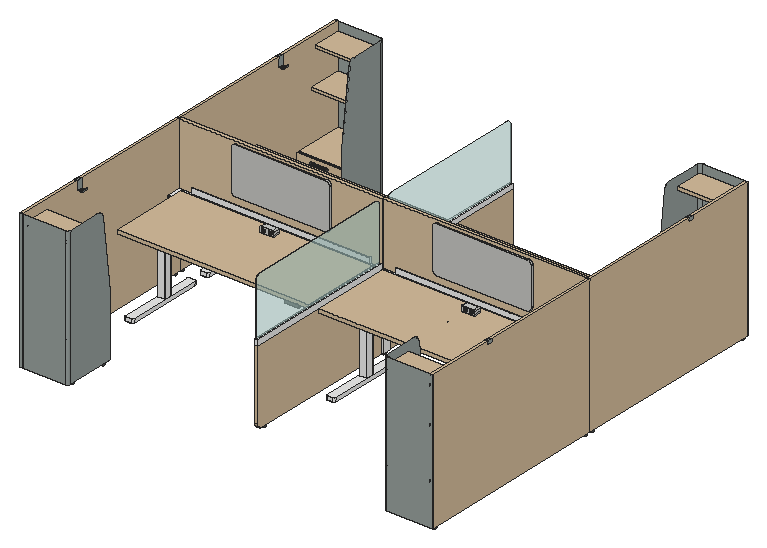
Revit family "Layout-Teknion-Expansion_Cityline_Height_Adjustable_Workstation_09-R2021", category Furniture Systems, Revit 2021 (continued)
Definition of nested family "Support-Teknion-JNXRMH_hiSpace_Quick_Connect_Height_Adjustable_Mechanism_Rectangular-R2021"
  Forms (in)
    Revolve 7, solid
      sketch origin (24.02922, -10.28354, 48) x (-1, 0, 0) y (0, 0, 1)
        loop
          line (-3.98642, -47.72441) -> (-4.14342, -47.72441) -> (-4.14342, -47.7685) -> (-4.97067, -47.7685) -> (-4.97067, -48) -> (-3.98642, -48) -> (-3.98642, -47.72441)
        axis (-3.98642, -47.72441) -> (-3.98642, -48)
      angle from 0 to 360
    Revolve 8, solid
      sketch origin (-26.00182, 10.28474, 48) x (-1, 0, 0) y (0, 0, 1)
        loop
          line (2.01429, -47.72441) -> (1.85728, -47.72441) -> (1.85728, -47.7685) -> (1.03003, -47.7685) -> (1.03003, -48) -> (2.01429, -48) -> (2.01429, -47.72441)
        axis (2.01429, -47.72441) -> (2.01429, -48)
      angle from 0 to 360
    Revolve 9, solid
      sketch origin (24.02943, 10.28474, 48) x (-1, 0, 0) y (0, 0, 1)
        loop
          line (-3.98642, -47.72441) -> (-4.14342, -47.72441) -> (-4.14342, -47.7685) -> (-4.97067, -47.7685) -> (-4.97067, -48) -> (-3.98642, -48) -> (-3.98642, -47.72441)
        axis (-3.98642, -47.72441) -> (-3.98642, -48)
      angle from 0 to 360
    Sweep 10, solid, material <- "Base Finish"
      path origin (-26.00182, 10.28474, 48) x (-1, 0, 0) y (0, 0, 1)
        loop
          line (-26.00182, -20.189) -> (-26.00182, -21.9016)
      profile origin (0, 10.28474, 26.9547) x (0, 1, 0) y (-1, 0, 0)
        loop
          line (-6.48545, 4.6752) -> (-10.32403, 4.6752) -> (-10.32403, -4.6752) -> (-6.48545, -4.6752) -> (-6.48545, 4.6752)
    Sweep 11, solid
      path origin (-26.00182, 10.28474, 48) x (-1, 0, 0) y (0, 0, 1)
        loop
          line (-49.52973, -20.189) -> (-49.52973, -20.26774)
      profile origin (23.52791, 10.28474, 27.77163) x (0, 1, 0) y (-1, 0, 0)
        loop
          line (-19.57804, -4.0315) -> (-19.57804, -0.31496)
          arc (-19.57804, -0.31496) -> (-19.67029, -0.09225) -> (-19.89301, 0) r 0.31496
          line (-19.89301, 0) -> (-20.90088, 0)
          arc (-20.90088, 0) -> (-21.12359, -0.09225) -> (-21.21584, -0.31496) r 0.31496
          line (-21.21584, -0.31496) -> (-21.21584, -4.0315)
          arc (-21.21584, -4.0315) -> (-21.12359, -4.25421) -> (-20.90088, -4.34646) r 0.31496
          line (-20.90088, -4.34646) -> (-19.89301, -4.34646)
          arc (-19.89301, -4.34646) -> (-19.67029, -4.25421) -> (-19.57804, -4.0315) r 0.31496
    Sweep 12, solid
      path origin (-26.00182, 10.28474, 48) x (-1, 0, 0) y (0, 0, 1)
        loop
          line (-51.70296, -20.26774) -> (-51.70296, -20.42522)
      profile origin (25.70114, 10.28474, 27.65352) x (0, 1, 0) y (-1, 0, 0)
        loop
          line (-19.61643, 1.86614) -> (-21.60954, 1.86614) -> (-21.60954, -1.86614) -> (-19.61643, -1.86614) -> (-19.61643, 1.86614)
    Sweep 13, solid
      path origin (0, 0, 0) x (0, 1, 0) y (0, 0, 1)
        loop
          line (-11.24602, 26.78211) -> (-11.71654, 27.05376)
      profile origin (0, -11.48128, 26.91793) x (0, -0.5, -0.866025) y (1, 0, 0)
        loop
          line (-0.78346, 28.06728) -> (-0.78346, 23.335)
          arc (-0.78346, 23.335) -> (-0.72581, 23.19581) -> (-0.58661, 23.13815) r 0.19685
          line (-0.58661, 23.13815) -> (0, 23.13815)
          arc (0, 23.13815) -> (0.13919, 23.19581) -> (0.19685, 23.335) r 0.19685
          line (0.19685, 23.335) -> (0.19685, 28.06728)
          arc (0.19685, 28.06728) -> (0.13919, 28.20648) -> (0, 28.26413) r 0.19685
          line (0, 28.26413) -> (-0.58661, 28.26413)
          arc (-0.58661, 28.26413) -> (-0.72581, 28.20648) -> (-0.78346, 28.06728) r 0.19685
    Sweep 14, solid, material <- "Base Finish"
      path origin (0, 0, 0) x (-1, 0, 0) y (0, 1, 0)
        loop
          line (-30.32, 3.77961) -> (-30.32, -0.01961)
      profile origin (30.32, 1.88, 0) x (1, 0, 0) y (0, 0, 1)
        loop
          line (0, 27.811) -> (-8.66142, 27.811) -> (-8.66142, 27.59446) -> (-8.11024, 27.59446) -> (-7.70372, 26.07733)
          arc (-7.70372, 26.07733) -> (-7.64747, 25.99315) -> (-7.55161, 25.96061) r 0.15748
          line (-7.55161, 25.96061) -> (-0.15748, 25.96061)
          arc (-0.15748, 25.96061) -> (-0.04612, 26.00673) -> (0, 26.11809) r 0.15748
          line (0, 26.11809) -> (0, 27.811)
    Sweep 15, solid, material <- "Base Finish"
      path origin (44.04547, 4.01679, 0.13456) x (1, 0, 0) y (0, 0, 1)
        loop
          line (-16.02983, 1.33001) -> (-16.02983, 0.14103)
      profile origin (28.01564, 4.01679, 0.87008) x (0, -1, 0) y (1, 0, 0)
        loop
          arc (-7.48321, -0.98425) -> (-7.2964, -1.43524) -> (-6.84541, -1.62205) r 0.6378
          line (-6.84541, -1.62205) -> (14.879, -1.62205)
          arc (14.879, -1.62205) -> (15.32999, -1.43524) -> (15.51679, -0.98425) r 0.6378
          line (15.51679, -0.98425) -> (15.51679, 0.98425)
          arc (15.51679, 0.98425) -> (15.32999, 1.43524) -> (14.879, 1.62205) r 0.6378
          line (14.879, 1.62205) -> (-6.84541, 1.62205)
          arc (-6.84541, 1.62205) -> (-7.2964, 1.43524) -> (-7.48321, 0.98425) r 0.6378
          line (-7.48321, 0.98425) -> (-7.48321, -0.98425)
    Sweep 16, solid, material <- "Base Finish"
      path origin (44.02578, 1.86031, 0) x (1, 0, 0) y (0, 0, 1)
        loop
          line (-16.02983, 18.77953) -> (-16.02983, 1.46457)
      profile origin (27.99596, 1.86031, 10.12205) x (0, -1, 0) y (1, 0, 0)
        loop
          arc (1.35827, 1.22047) -> (1.31791, 1.31791) -> (1.22047, 1.35827) r 0.1378
          line (1.22047, 1.35827) -> (-1.22047, 1.35827)
          arc (-1.22047, 1.35827) -> (-1.31791, 1.31791) -> (-1.35827, 1.22047) r 0.1378
          line (-1.35827, 1.22047) -> (-1.35827, -1.22047)
          arc (-1.35827, -1.22047) -> (-1.31791, -1.31791) -> (-1.22047, -1.35827) r 0.1378
          line (-1.22047, -1.35827) -> (1.22047, -1.35827)
          arc (1.22047, -1.35827) -> (1.31791, -1.31791) -> (1.35827, -1.22047) r 0.1378
          line (1.35827, -1.22047) -> (1.35827, 1.22047)
    Sweep 17, solid, material <- "Base Finish"
      path origin (44.04547, 1.88, 0) x (1, 0, 0) y (0, 0, 1)
        loop
          line (-15.97547, 22.37007) -> (-15.97547, 18.77953)
      profile origin (28.07, 1.88, 20.5748) x (0, -1, 0) y (1, 0, 0)
        loop
          arc (1.0748, -1.22759) -> (1.1444, -1.19876) -> (1.17323, -1.12916) r 0.09843
          line (1.17323, -1.12916) -> (1.17323, 1.02044)
          arc (1.17323, 1.02044) -> (1.1444, 1.09004) -> (1.0748, 1.11887) r 0.09843
          line (1.0748, 1.11887) -> (-1.07087, 1.11887)
          arc (-1.07087, 1.11887) -> (-1.143, 1.09145) -> (-1.17323, 1.02044) r 0.0985
          line (-1.17323, 1.02044) -> (-1.17323, -1.12916)
          arc (-1.17323, -1.12916) -> (-1.1444, -1.19876) -> (-1.0748, -1.22759) r 0.09843
          line (-1.0748, -1.22759) -> (1.0748, -1.22759)
    Sweep 18, solid, material <- "Base Finish"
      path origin (44.04547, 1.88, 0) x (1, 0, 0) y (0, 0, 1)
        loop
          line (-16.02983, 25.96061) -> (-16.02983, 22.37007)
      profile origin (28.01564, 1.88, 24.16534) x (0, -1, 0) y (1, 0, 0)
        loop
          arc (0.98425, 0.88583) -> (0.95542, 0.95542) -> (0.88583, 0.98425) r 0.09843
          line (0.88583, 0.98425) -> (-0.88583, 0.98425)
          arc (-0.88583, 0.98425) -> (-0.95542, 0.95542) -> (-0.98425, 0.88583) r 0.09843
          line (-0.98425, 0.88583) -> (-0.98425, -0.88583)
          arc (-0.98425, -0.88583) -> (-0.95542, -0.95542) -> (-0.88583, -0.98425) r 0.09843
          line (-0.88583, -0.98425) -> (0.88583, -0.98425)
          arc (0.88583, -0.98425) -> (0.95542, -0.95542) -> (0.98425, -0.88583) r 0.09843
          line (0.98425, -0.88583) -> (0.98425, 0.88583)
    Sweep 19, solid, visible <- "Powerbar"
      path origin (0, 0, 0) x (1, 0, 0) y (0, 1, 0)
        loop
          line (-4.87008, 5.9922) -> (4.87008, 5.9922)
      profile origin (0, 5.9922, 0) x (0, 1, 0) y (0, 0, 1)
        loop
          arc (-0.00358, 27.66336) -> (-0.05673, 27.64135) -> (-0.07874, 27.5882) r 0.07516
          line (-0.07874, 27.5882) -> (-0.07874, 26.26198)
          arc (-0.07874, 26.26198) -> (-0.05677, 26.20895) -> (-0.00374, 26.18698) r 0.075
          line (-0.00374, 26.18698) -> (0.98799, 26.18698)
          arc (0.98799, 26.18698) -> (1.04103, 26.20895) -> (1.06299, 26.26198) r 0.075
          line (1.06299, 26.26198) -> (1.06299, 27.58836)
          arc (1.06299, 27.58836) -> (1.04103, 27.6414) -> (0.98799, 27.66336) r 0.075
          line (0.98799, 27.66336) -> (-0.00358, 27.66336)
    Sweep 20, solid, visible <- "Powerbar"
      path origin (0, 0, 0) x (1, 0, 0) y (0, 1, 0)
        loop
          line (-5.98622, 7.11425) -> (5.98622, 7.11425)
      profile origin (0, 7.11425, 0) x (0, 1, 0) y (0, 0, 1)
        loop
          line (-0.05906, 27.75194) -> (-0.05906, 26.18502) -> (0, 26.18502) -> (0, 27.72045)
          arc (0, 27.72045) -> (-0.02652, 27.78448) -> (-0.09055, 27.811) r 0.09055
          line (-0.09055, 27.811) -> (-1.25984, 27.811) -> (-1.25984, 27.75194) -> (-0.05906, 27.75194)
    Sweep 21, solid, visible <- "Powerbar"
      path origin (0, 0, 0) x (1, 0, 0) y (0, 1, 0)
        loop
          line (0, 7.24417) -> (0, 7.11425)
      profile origin (0, 7.17921, 0) x (1, 0, 0) y (0, 0, 1)
        loop
          arc (-1.19215, 27.45017) -> (-1.22011, 27.43859) -> (-1.23169, 27.41063) r 0.03954
          line (-1.23169, 27.41063) -> (-1.23169, 26.44017)
          arc (-1.23169, 26.44017) -> (-1.21998, 26.41189) -> (-1.19169, 26.40017) r 0.04
          line (-1.19169, 26.40017) -> (-0.22169, 26.40017)
          arc (-0.22169, 26.40017) -> (-0.19341, 26.41189) -> (-0.18169, 26.44017) r 0.04
          line (-0.18169, 26.44017) -> (-0.18169, 27.41017)
          arc (-0.18169, 27.41017) -> (-0.19341, 27.43846) -> (-0.22169, 27.45017) r 0.04
          line (-0.22169, 27.45017) -> (-1.19215, 27.45017)
        loop
          arc (0.06815, 27.45017) -> (0.03987, 27.43846) -> (0.02815, 27.41017) r 0.04
          line (0.02815, 27.41017) -> (0.02815, 26.44017)
          arc (0.02815, 26.44017) -> (0.03987, 26.41189) -> (0.06815, 26.40017) r 0.04
          line (0.06815, 26.40017) -> (1.03815, 26.40017)
          arc (1.03815, 26.40017) -> (1.06643, 26.41189) -> (1.07815, 26.44017) r 0.04
          line (1.07815, 26.44017) -> (1.07815, 27.41017)
          arc (1.07815, 27.41017) -> (1.06643, 27.43846) -> (1.03815, 27.45017) r 0.04
          line (1.03815, 27.45017) -> (0.06815, 27.45017)
        loop
          arc (1.28799, 26.44017) -> (1.29971, 26.41189) -> (1.32799, 26.40017) r 0.04
          line (1.32799, 26.40017) -> (2.29799, 26.40017)
          arc (2.29799, 26.40017) -> (2.32628, 26.41189) -> (2.33799, 26.44017) r 0.04
          line (2.33799, 26.44017) -> (2.33799, 27.41017)
          arc (2.33799, 27.41017) -> (2.32628, 27.43846) -> (2.29799, 27.45017) r 0.04
          line (2.29799, 27.45017) -> (1.32799, 27.45017)
          arc (1.32799, 27.45017) -> (1.29971, 27.43846) -> (1.28799, 27.41017) r 0.04
          line (1.28799, 27.41017) -> (1.28799, 26.44017)
        loop
          arc (2.54783, 26.44017) -> (2.55955, 26.41189) -> (2.58783, 26.40017) r 0.04
          line (2.58783, 26.40017) -> (3.55783, 26.40017)
          arc (3.55783, 26.40017) -> (3.58612, 26.41189) -> (3.59783, 26.44017) r 0.04
          line (3.59783, 26.44017) -> (3.59783, 27.41017)
          arc (3.59783, 27.41017) -> (3.58612, 27.43846) -> (3.55783, 27.45017) r 0.04
          line (3.55783, 27.45017) -> (2.58783, 27.45017)
          arc (2.58783, 27.45017) -> (2.55955, 27.43846) -> (2.54783, 27.41017) r 0.04
          line (2.54783, 27.41017) -> (2.54783, 26.44017)
        loop
          line (-1.05846, 27.02872) -> (-1.05846, 26.82163) -> (-0.95492, 26.82163)
          arc (-0.95492, 26.82163) -> (-0.85138, 26.92517) -> (-0.95492, 27.02872) r 0.10354
          line (-0.95492, 27.02872) -> (-1.05846, 27.02872)
        loop
          line (-0.57776, 27.20057) -> (-0.57776, 27.12852) -> (-0.30768, 27.12852) -> (-0.30768, 27.20057) -> (-0.57776, 27.20057)
        loop
          line (-0.61713, 26.72143) -> (-0.61713, 26.64939) -> (-0.26831, 26.64939) -> (-0.26831, 26.72143) -> (-0.61713, 26.72143)
        loop
          line (0.30492, 27.02872) -> (0.20138, 27.02872) -> (0.20138, 26.82163) -> (0.30492, 26.82163)
          arc (0.30492, 26.82163) -> (0.40846, 26.92517) -> (0.30492, 27.02872) r 0.10354
        loop
          line (0.68209, 27.20057) -> (0.68209, 27.12852) -> (0.95217, 27.12852) -> (0.95217, 27.20057) -> (0.68209, 27.20057)
        loop
          line (0.99154, 26.72143) -> (0.64272, 26.72143) -> (0.64272, 26.64939) -> (0.99154, 26.64939) -> (0.99154, 26.72143)
        loop
          line (1.46122, 27.02872) -> (1.46122, 26.82163) -> (1.56476, 26.82163)
          arc (1.56476, 26.82163) -> (1.66831, 26.92517) -> (1.56476, 27.02872) r 0.10354
          line (1.56476, 27.02872) -> (1.46122, 27.02872)
        loop
          line (1.94193, 27.12852) -> (2.21201, 27.12852) -> (2.21201, 27.20057) -> (1.94193, 27.20057) -> (1.94193, 27.12852)
        loop
          line (2.25138, 26.72143) -> (1.90256, 26.72143) -> (1.90256, 26.64939) -> (2.25138, 26.64939) -> (2.25138, 26.72143)
        loop
          line (2.72106, 27.02872) -> (2.72106, 26.82163) -> (2.82461, 26.82163)
          arc (2.82461, 26.82163) -> (2.92815, 26.92517) -> (2.82461, 27.02872) r 0.10354
          line (2.82461, 27.02872) -> (2.72106, 27.02872)
        loop
          line (3.20177, 27.20057) -> (3.20177, 27.12852) -> (3.47185, 27.12852) -> (3.47185, 27.20057) -> (3.20177, 27.20057)
        loop
          line (3.51122, 26.72143) -> (3.1624, 26.72143) -> (3.1624, 26.64939) -> (3.51122, 26.64939) -> (3.51122, 26.72143)
  Lines and regions (in)
    Masking region 1
      outline origin (0, 0, 0) x (1, 0, 0) y (0, 1, 0)
        loop
          line (-29.63815, 10.8622) -> (-29.63815, 3.77961) -> (-30.32, 3.77961) -> (-30.32, -0.01961) -> (-29.63815, -0.01961) -> (-29.63815, -10.8622)
          arc (-29.63815, -10.8622) -> (-29.45134, -11.31319) -> (-29.00035, -11.5) r 0.6378
          line (-29.00035, -11.5) -> (-27.03185, -11.5)
          arc (-27.03185, -11.5) -> (-26.58086, -11.31319) -> (-26.39406, -10.8622) r 0.6378
          line (-26.39406, -10.8622) -> (-26.39406, -0.01961) -> (-21.65858, -0.01961) -> (-21.65858, 3.77961) -> (-26.39406, 3.77961) -> (-26.39406, 10.8622)
          arc (-26.39406, 10.8622) -> (-26.58086, 11.31319) -> (-27.03185, 11.5) r 0.6378
          line (-27.03185, 11.5) -> (-29.00035, 11.5)
          arc (-29.00035, 11.5) -> (-29.45134, 11.31319) -> (-29.63815, 10.8622) r 0.6378
        loop
          line (-4.6752, 3.79929) -> (-4.6752, -0.03929) -> (4.6752, -0.03929) -> (4.6752, 3.79929) -> (-4.6752, 3.79929)
        loop
          line (21.65858, 3.77961) -> (21.65858, -0.01961) -> (26.39359, -0.01961) -> (26.39359, -9.29331) -> (23.84287, -9.29331)
          arc (23.84287, -9.29331) -> (23.62016, -9.38556) -> (23.52791, -9.60827) r 0.31496
          line (23.52791, -9.60827) -> (23.52791, -10.61614)
          arc (23.52791, -10.61614) -> (23.55641, -10.74706) -> (23.63675, -10.85429) r 0.31496
          line (23.63675, -10.85429) -> (23.335, -10.85429)
          spline (23.335, -10.85429) -> (23.30931, -10.85513) -> (23.28405, -10.85764) -> (23.25967, -10.86178) -> (23.23657, -10.86747) -> (23.21517, -10.87462) -> (23.19581, -10.88311) -> (23.17883, -10.89279) -> (23.16452, -10.9035) -> (23.15313, -10.91504) -> (23.14486, -10.92724) -> (23.13983, -10.93986) -> (23.13815, -10.95271)
          line (23.13815, -10.95271) -> (23.13815, -11.71654)
          spline (23.13815, -11.71654) -> (23.13983, -11.72938) -> (23.14486, -11.74201) -> (23.15313, -11.7542) -> (23.16452, -11.76575) -> (23.17883, -11.77645) -> (23.19581, -11.78613) -> (23.21517, -11.79462) -> (23.23657, -11.80177) -> (23.25967, -11.80747) -> (23.28405, -11.81161) -> (23.30931, -11.81412) -> (23.335, -11.81496)
          line (23.335, -11.81496) -> (28.06728, -11.81496)
          spline (28.06728, -11.81496) -> (28.09298, -11.81412) -> (28.11823, -11.81161) -> (28.14261, -11.80747) -> (28.16571, -11.80177) -> (28.18712, -11.79462) -> (28.20648, -11.78613) -> (28.22346, -11.77645) -> (28.23776, -11.76575) -> (28.24915, -11.7542) -> (28.25743, -11.74201) -> (28.26245, -11.72938) -> (28.26413, -11.71654)
          line (28.26413, -11.71654) -> (28.26413, -11.5) -> (28.99989, -11.5)
          arc (28.99989, -11.5) -> (29.45088, -11.31319) -> (29.63769, -10.8622) r 0.6378
          line (29.63769, -10.8622) -> (29.63769, -0.01961) -> (30.32, -0.01961) -> (30.32, 3.77961) -> (29.63769, 3.77961) -> (29.63769, 10.8622)
          arc (29.63769, 10.8622) -> (29.45088, 11.31319) -> (28.99989, 11.5) r 0.6378
          line (28.99989, 11.5) -> (27.03139, 11.5)
          arc (27.03139, 11.5) -> (26.5804, 11.31319) -> (26.39359, 10.8622) r 0.6378
          line (26.39359, 10.8622) -> (26.39359, 3.77961) -> (21.65858, 3.77961)
    Masking region 2, visible <- "Powerbar"
      outline origin (0, 0, 0) x (1, 0, 0) y (0, 1, 0)
        loop
          line (-5.98622, 5.85441) -> (5.98622, 5.85441) -> (5.98622, 7.11425) -> (3.59783, 7.11425) -> (3.59783, 7.24417) -> (2.54783, 7.24417) -> (2.54783, 7.11425) -> (2.33799, 7.11425) -> (2.33799, 7.24417) -> (1.28799, 7.24417) -> (1.28799, 7.11425) -> (1.07815, 7.11425) -> (1.07815, 7.24417) -> (0.02815, 7.24417) -> (0.02815, 7.11425) -> (-0.18169, 7.11425) -> (-0.18169, 7.24417) -> (-1.23169, 7.24417) -> (-1.23169, 7.11425) -> (-5.98622, 7.11425) -> (-5.98622, 5.85441)
    symbolic lines
      curve 1: line (-30.32, 3.77961, 0) -> (-21.65858, 3.77961, 0)
      curve 2: line (-30.32, -0.01961, 0) -> (-21.65858, -0.01961, 0)
      curve 3: line (21.65858, -0.01961, 0) -> (30.32, -0.01961, 0)
      curve 4: line (21.65858, 3.77961, 0) -> (30.32, 3.77961, 0)
      curve 5: line (23.84287, -10.9311, 0) -> (27.55941, -10.9311, 0)
      curve 6: line (27.87437, -10.61614, 0) -> (27.87437, -9.60827, 0)
      curve 7: line (27.55941, -9.29331, 0) -> (23.84287, -9.29331, 0)
      curve 8: arc (27.87437, -9.60827, 0) -> (27.78212, -9.38556, 0) -> (27.55941, -9.29331, 0) r 0.31496
      curve 9: arc (27.55941, -10.9311, 0) -> (27.78212, -10.83885, 0) -> (27.87437, -10.61614, 0) r 0.31496
      curve 10: arc (23.52791, -10.61614, 0) -> (23.62016, -10.83885, 0) -> (23.84287, -10.9311, 0) r 0.31496
      curve 11: line (28.06728, -11.3248, 0) -> (23.335, -11.3248, 0)
      curve 12: spline (28.26413, -11.42323, 0) -> (28.26245, -11.41038, 0) -> (28.25743, -11.39775, 0) -> (28.24915, -11.38556, 0) -> (28.23776, -11.37402, 0) -> (28.22346, -11.36331, 0) -> (28.20648, -11.35363, 0) -> (28.18712, -11.34514, 0) -> (28.16571, -11.33799, 0) -> (28.14261, -11.3323, 0) -> (28.11823, -11.32816, 0) -> (28.09298, -11.32565, 0) -> (28.06728, -11.3248, 0)
      curve 13: spline (23.335, -11.3248, 0) -> (23.30931, -11.32565, 0) -> (23.28405, -11.32816, 0) -> (23.25967, -11.3323, 0) -> (23.23657, -11.33799, 0) -> (23.21517, -11.34514, 0) -> (23.19581, -11.35363, 0) -> (23.17883, -11.36331, 0) -> (23.16452, -11.37402, 0) -> (23.15313, -11.38556, 0) -> (23.14486, -11.39775, 0) -> (23.13983, -11.41038, 0) -> (23.13815, -11.42323, 0)
      curve 14: line (28.26413, -11.71654, 0) -> (28.26413, -10.95271, 0)
      curve 15: spline (28.06728, -10.85429, 0) -> (28.09298, -10.85513, 0) -> (28.11823, -10.85764, 0) -> (28.14261, -10.86178, 0) -> (28.16571, -10.86747, 0) -> (28.18712, -10.87462, 0) -> (28.20648, -10.88311, 0) -> (28.22346, -10.89279, 0) -> (28.23776, -10.9035, 0) -> (28.24915, -10.91504, 0) -> (28.25743, -10.92724, 0) -> (28.26245, -10.93986, 0) -> (28.26413, -10.95271, 0)
      curve 16: line (28.06728, -10.85429, 0) -> (27.76554, -10.85429, 0)
    symbolic lines, visible <- "Powerbar"
      curve 17: line (-1.23169, 7.11425, 0) -> (3.59783, 7.11425, 0)
    symbolic lines, detail levels medium+fine
      curve 18: line (-22.20976, -0.01961, 0) -> (-22.20976, 3.77961, 0)
      curve 19: line (-29.63815, 10.8622, 0) -> (-29.63815, -10.8622, 0)
      curve 20: line (-26.39406, -10.8622, 0) -> (-26.39406, 10.8622, 0)
      curve 21: line (-26.81531, 3.21858, 0) -> (-29.25626, 3.21858, 0)
      curve 22: line (-26.9413, 3.05323, 0) -> (-29.09091, 3.05323, 0)
      curve 23: line (-27.13028, 2.86425, 0) -> (-28.90193, 2.86425, 0)
      curve 24: line (-29.39406, 3.08079, 0) -> (-29.39406, 0.63984, 0)
      curve 25: line (-29.18933, 2.9548, 0) -> (-29.18933, 0.8052, 0)
      curve 26: line (-29.00035, 2.76583, 0) -> (-29.00035, 0.99417, 0)
      curve 27: line (-28.90193, 0.89575, 0) -> (-27.13028, 0.89575, 0)
      curve 28: line (-29.09091, 0.70677, 0) -> (-27.03795, 0.70677, 0)
      curve 29: line (-29.25626, 0.50205, 0) -> (-26.81531, 0.50205, 0)
      curve 30: line (-27.03185, 0.99417, 0) -> (-27.03185, 2.76583, 0)
      curve 31: line (-26.84287, 0.90185, 0) -> (-26.84287, 2.95087, 0)
      curve 32: line (-26.67752, 0.63984, 0) -> (-26.67752, 3.08079, 0)
      curve 33: arc (-29.25626, 3.21858, 0) -> (-29.3537, 3.17822, 0) -> (-29.39406, 3.08079, 0) r 0.1378
      curve 34: arc (-29.09091, 3.05323, 0) -> (-29.1605, 3.0244, 0) -> (-29.18933, 2.9548, 0) r 0.09843
      curve 35: arc (-28.90193, 2.86425, 0) -> (-28.97153, 2.83542, 0) -> (-29.00035, 2.76583, 0) r 0.09843
      curve 36: arc (-27.03185, 2.76583, 0) -> (-27.06068, 2.83542, 0) -> (-27.13028, 2.86425, 0) r 0.09843
      curve 37: arc (-26.84287, 2.95087, 0) -> (-26.8703, 3.023, 0) -> (-26.9413, 3.05323, 0) r 0.0985
      curve 38: arc (-26.67752, 3.08079, 0) -> (-26.71788, 3.17822, 0) -> (-26.81531, 3.21858, 0) r 0.1378
      curve 39: arc (-29.00035, 0.99417, 0) -> (-28.97153, 0.92458, 0) -> (-28.90193, 0.89575, 0) r 0.09843
      curve 40: arc (-29.18933, 0.8052, 0) -> (-29.1605, 0.7356, 0) -> (-29.09091, 0.70677, 0) r 0.09843
      curve 41: arc (-29.39406, 0.63984, 0) -> (-29.3537, 0.54241, 0) -> (-29.25626, 0.50205, 0) r 0.1378
      curve 42: arc (-27.13028, 0.89575, 0) -> (-27.06068, 0.92458, 0) -> (-27.03185, 0.99417, 0) r 0.09843
      curve 43: arc (-27.03795, 0.70677, 0) -> (-26.90001, 0.76391, 0) -> (-26.84287, 0.90185, 0) r 0.19508
      curve 44: arc (-26.81531, 0.50205, 0) -> (-26.71788, 0.54241, 0) -> (-26.67752, 0.63984, 0) r 0.1378
      curve 49: line (22.20976, 3.77961, 0) -> (22.20976, -0.01961, 0)
      curve 50: line (29.21643, 3.21858, 0) -> (26.77548, 3.21858, 0)
      curve 51: line (29.09044, 3.05323, 0) -> (26.94084, 3.05323, 0)
      curve 52: line (28.90147, 2.86425, 0) -> (27.12981, 2.86425, 0)
      curve 53: arc (26.77548, 3.21858, 0) -> (26.67805, 3.17822, 0) -> (26.63769, 3.08079, 0) r 0.1378
      curve 54: arc (26.94084, 3.05323, 0) -> (26.87124, 3.0244, 0) -> (26.84241, 2.9548, 0) r 0.09843
      curve 55: arc (27.12981, 2.86425, 0) -> (27.06022, 2.83542, 0) -> (27.03139, 2.76583, 0) r 0.09843
      curve 56: arc (28.99989, 2.76583, 0) -> (28.97107, 2.83542, 0) -> (28.90147, 2.86425, 0) r 0.09843
      curve 57: arc (29.18887, 2.95087, 0) -> (29.16145, 3.023, 0) -> (29.09044, 3.05323, 0) r 0.0985
      curve 58: arc (29.35422, 3.08079, 0) -> (29.31386, 3.17822, 0) -> (29.21643, 3.21858, 0) r 0.1378
      curve 59: line (27.03139, 2.76583, 0) -> (27.03139, 0.99417, 0)
      curve 60: line (26.84241, 2.9548, 0) -> (26.84241, 0.8052, 0)
      curve 61: line (26.63769, 3.08079, 0) -> (26.63769, 0.63984, 0)
      curve 62: line (27.12981, 0.89575, 0) -> (28.90147, 0.89575, 0)
      curve 63: line (26.94084, 0.70677, 0) -> (29.09044, 0.70677, 0)
      curve 64: line (26.77548, 0.50205, 0) -> (29.21643, 0.50205, 0)
      curve 65: line (28.99989, 0.99417, 0) -> (28.99989, 2.76583, 0)
      curve 66: line (29.18887, 0.8052, 0) -> (29.18887, 2.95087, 0)
      curve 67: line (29.35422, 0.63984, 0) -> (29.35422, 3.08079, 0)
      curve 68: arc (28.90147, 0.89575, 0) -> (28.97107, 0.92458, 0) -> (28.99989, 0.99417, 0) r 0.09843
      curve 69: arc (29.09044, 0.70677, 0) -> (29.16004, 0.7356, 0) -> (29.18887, 0.8052, 0) r 0.09843
      curve 70: arc (29.21643, 0.50205, 0) -> (29.31386, 0.54241, 0) -> (29.35422, 0.63984, 0) r 0.1378
      curve 71: arc (27.03139, 0.99417, 0) -> (27.06022, 0.92458, 0) -> (27.12981, 0.89575, 0) r 0.09843
      curve 72: arc (26.84241, 0.8052, 0) -> (26.87124, 0.7356, 0) -> (26.94084, 0.70677, 0) r 0.09843
      curve 73: arc (26.63769, 0.63984, 0) -> (26.67805, 0.54241, 0) -> (26.77548, 0.50205, 0) r 0.1378
      curve 74: line (23.335, -10.85429, 0) -> (28.06728, -10.85429, 0)
    symbolic lines, visible <- "Powerbar", detail levels medium+fine
      curve 45: line (-5.98622, 7.0552, 0) -> (5.98622, 7.0552, 0)
      curve 46: line (-4.87008, 5.91346, 0) -> (-4.87008, 7.0552, 0)
      curve 47: line (4.87008, 5.91346, 0) -> (4.87008, 7.0552, 0)
      curve 48: line (-4.87008, 5.91346, 0) -> (4.87008, 5.91346, 0)
    symbolic lines, detail levels fine
      curve 75: arc (28.17264, -10.28354, 0) -> (28.01564, -10.12653, 0) -> (27.85864, -10.28354, 0) r 0.157
      curve 76: arc (27.85864, -10.28354, 0) -> (28.01564, -10.44054, 0) -> (28.17264, -10.28354, 0) r 0.157
      curve 77: arc (28.99989, -10.28354, 0) -> (28.01564, -9.29928, 0) -> (27.03139, -10.28354, 0) r 0.98425
      curve 78: arc (27.03139, -10.28354, 0) -> (28.01564, -11.26779, 0) -> (28.99989, -10.28354, 0) r 0.98425
      curve 79: arc (27.0316, 10.28474, 0) -> (28.01586, 11.26899, 0) -> (29.00011, 10.28474, 0) r 0.98425
      curve 80: arc (29.00011, 10.28474, 0) -> (28.01586, 9.30049, 0) -> (27.0316, 10.28474, 0) r 0.98425
      curve 81: arc (27.85885, 10.28474, 0) -> (28.01586, 10.44174, 0) -> (28.17286, 10.28474, 0) r 0.157
      curve 82: arc (28.17286, 10.28474, 0) -> (28.01586, 10.12774, 0) -> (27.85885, 10.28474, 0) r 0.157
      curve 83: arc (-29.00035, 10.28474, 0) -> (-28.0161, 11.26899, 0) -> (-27.03185, 10.28474, 0) r 0.98425
      curve 84: arc (-28.1731, 10.28474, 0) -> (-28.0161, 10.44174, 0) -> (-27.8591, 10.28474, 0) r 0.157
      curve 85: arc (-27.8591, 10.28474, 0) -> (-28.0161, 10.12774, 0) -> (-28.1731, 10.28474, 0) r 0.157
      curve 86: arc (-27.03185, 10.28474, 0) -> (-28.0161, 9.30049, 0) -> (-29.00035, 10.28474, 0) r 0.98425
      curve 87: arc (-27.03185, -10.28354, 0) -> (-28.0161, -9.29928, 0) -> (-29.00035, -10.28354, 0) r 0.98425
      curve 88: arc (-27.8591, -10.28354, 0) -> (-28.0161, -10.12653, 0) -> (-28.1731, -10.28354, 0) r 0.157
      curve 89: arc (-28.1731, -10.28354, 0) -> (-28.0161, -10.44054, 0) -> (-27.8591, -10.28354, 0) r 0.157
      curve 90: arc (-29.00035, -10.28354, 0) -> (-28.0161, -11.26779, 0) -> (-27.03185, -10.28354, 0) r 0.98425
    reference lines
      curve 91: line (-30.32, 11.5, 0) -> (30.32, 11.5, 0)
      curve 92: line (-30.32, -11.5, 0) -> (-30.32, 11.5, 0)
      curve 93: line (30.32, -11.5, 0) -> (-30.32, -11.5, 0)
      curve 94: line (30.32, 11.5, 0) -> (30.32, -11.5, 0)
  Dimensions and locks (in)
    plane 4 "Left" to plane 5 "Right" = 60.640"
    plane 6 "Back" to plane 7 "Front" = 23.31496"
    "Base Mechanism(Height)": plane 8 "Top" to level
    equal spacing: plane 6 "Back", plane 1 "Center Front/Back", plane 7 "Front"
    equal spacing: plane 4 "Left", plane 3 "Center Left/Right", plane 5 "Right"
    locked: Sweep 1 sketch curve to Sweep 1 sketch curve at 1.18898
    locked: Sweep 1 sketch curve to Sweep 1 sketch curve at 3.24409
    locked: plane 4 "Left" to Sweep 1 sketch curve at 0.68185
    locked: Sweep 1 sketch curve to plane 2 at 0.27559
    locked: Sweep 2 sketch curve to Sweep 2 sketch curve at 2.71654
    locked: Sweep 3 sketch curve to Sweep 3 sketch curve at 2.34646
    locked: Sweep 4 sketch curve to Sweep 4 sketch curve at 1.9685
    Sweep 2 sketch curve to Sweep 2 sketch curve = 2.71654"
    Sweep 3 sketch curve to Sweep 3 sketch curve = 2.34646"
    Sweep 4 sketch curve to Sweep 4 sketch curve = 1.9685"
    locked: Sweep 2 sketch curve to Sweep 2 sketch curve at 17.31496
    locked: Sweep 2 sketch curve to plane 4 "Left" at 2.28421
    locked: Sweep 1 to Sweep 2 sketch curve at 0.24409
    locked: Sweep 1 to Sweep 3 sketch curve at 0.44882
    locked: Sweep 4 sketch curve to plane 4 "Left" at 2.3039
    locked: Sweep 1 to Sweep 4 sketch curve at 0.6378
    locked: Sweep 5 sketch curve to Sweep 5 sketch curve at 3.79921
    locked: plane 1 "Center Front/Back" to Sweep 5 sketch curve at 0.13787
    Sweep 5 sketch curve to Sweep 5 sketch curve to Sweep 5 sketch curve = 0.21654" locked, 1.63386" locked
    Sweep 5 sketch curve to Sweep 5 sketch curve to Sweep 5 sketch curve to Sweep 5 sketch curve = 0.55118" locked, 0.40652" locked, 7.70372" locked
    locked: Revolve 6 sketch curve to plane 4 "Left" at 2.3039
    locked: Revolve 6 sketch curve to Revolve 6 sketch curve at 0.2315
    Revolve 6 sketch curve to Revolve 6 sketch curve to Revolve 6 sketch curve = 0.157" locked, 0.82725" locked
    locked: Revolve 7 sketch curve to Revolve 7 sketch curve at 0.2315
    Revolve 7 sketch curve to Revolve 7 sketch curve to Revolve 7 sketch curve = 0.157" locked, 0.82725" locked
    locked: Revolve 7 sketch curve to plane 5 "Right" at 2.30436
    Revolve 8 sketch curve to Revolve 8 sketch curve to Revolve 8 sketch curve = 0.157" locked, 0.82725" locked
    locked: Revolve 8 sketch curve to Revolve 8 sketch curve at 0.2315
    locked: Revolve 8 sketch curve to plane 4 "Left" at 2.3039
    Revolve 9 sketch curve to Revolve 9 sketch curve to Revolve 9 sketch curve = 0.157" locked, 0.82725" locked
    locked: Revolve 9 sketch curve to Revolve 9 sketch curve at 0.2315
    locked: Revolve 9 sketch curve to plane 5 "Right" at 2.30414
    locked: Sweep 10 sketch curve to Sweep 10 sketch curve at 1.7126
    equal spacing: Sweep 10 sketch curve, plane 3 "Center Left/Right", Sweep 10 sketch curve, locked at 4.6752 each
    plane 1 "Center Front/Back" to Sweep 10 sketch curve to Sweep 10 sketch curve = 0.11819" locked, 3.83858" locked
    locked: Sweep 11 sketch curve to Sweep 11 sketch curve at 0.07874
    locked: Sweep 11 sketch curve to plane 5 "Right" at 6.79209
    plane 7 "Front" to Sweep 11 sketch curve to Sweep 11 sketch curve = 0.88386" locked, 1.6378" locked
    Sweep 11 sketch curve to Sweep 11 sketch curve to plane 5 "Right" = 4.34646" locked, 2.44563" locked
    locked: Sweep 12 sketch curve to Sweep 12 sketch curve at 0.15748
    locked: Sweep 12 sketch curve to plane 5 "Right" at 4.61886
    Sweep 12 sketch curve to plane 10 to Sweep 12 sketch curve = 1.04127" locked, 0.95184" locked
    Sweep 12 sketch curve to Sweep 12 sketch curve to plane 5 "Right" = 3.73228" locked, 2.75272" locked
    plane 7 "Front" to Sweep 13 sketch curve to Sweep 13 sketch curve = 0.09843" locked, 0.47052" locked
    plane 8 "Top" to Sweep 13 sketch curve to Sweep 13 sketch curve = 0.75724" locked, 0.27165" locked
    locked: Sweep 14 sketch curve to Sweep 14 sketch curve at 3.79921
    Sweep 14 sketch curve to Sweep 14 sketch curve to Sweep 14 sketch curve = 0.21654" locked, 1.63386" locked
    Sweep 14 sketch curve to Sweep 14 sketch curve to Sweep 14 sketch curve to Sweep 14 sketch curve = 7.70372" locked, 0.40652" locked, 0.55118" locked
    locked: plane 1 "Center Front/Back" to Sweep 14 sketch curve at 0.13787
    locked: Sweep 15 sketch curve to Sweep 15 sketch curve at 1.18898
    locked: Sweep 15 sketch curve to Sweep 15 sketch curve at 3.24409
    locked: Sweep 15 sketch curve to plane 5 "Right" at 2.30436
    locked: Sweep 15 sketch curve to plane 5 "Right" at 0.68231
    locked: Sweep 16 sketch curve to Sweep 16 sketch curve at 2.71654
    locked: Sweep 17 sketch curve to Sweep 17 sketch curve at 2.34646
    locked: Sweep 18 sketch curve to Sweep 18 sketch curve at 1.9685
    Sweep 16 sketch curve to Sweep 16 sketch curve = 2.71654"
    Sweep 17 sketch curve to Sweep 17 sketch curve = 2.34646"
    Sweep 18 sketch curve to Sweep 18 sketch curve = 1.9685"
    locked: Sweep 16 sketch curve to Sweep 16 sketch curve at 17.31496
    locked: Sweep 16 sketch curve to plane 5 "Right" at 2.32404
    locked: plane 1 "Center Front/Back" to Sweep 16 sketch curve at 0.65953
    locked: Sweep 16 sketch curve to plane 5 "Right" at 0.96578
    locked: plane 1 "Center Front/Back" to Sweep 17 sketch curve at 0.86425
    locked: Sweep 17 sketch curve to plane 5 "Right" at 1.13113
    locked: Sweep 18 sketch curve to plane 5 "Right" at 2.30436
    locked: plane 1 "Center Front/Back" to Sweep 18 sketch curve at 1.05323
    locked: Sweep 18 sketch curve to plane 5 "Right" at 1.32011
    locked: plane 1 "Center Front/Back" to Sweep 19 sketch curve at 6.14969
    Sweep 19 sketch curve to plane 3 "Center Left/Right" to Sweep 19 sketch curve = 4.87008" locked, 4.87008" locked
    plane 8 "Top" to Sweep 19 sketch curve to Sweep 19 sketch curve = 0.14764" locked, 1.47638" locked
    plane 1 "Center Front/Back" to Sweep 19 sketch curve to Sweep 19 sketch curve = 6.07094" locked, 1.14173" locked
    Sweep 20 sketch curve to plane 3 "Center Left/Right" to Sweep 20 sketch curve = 5.98622" locked, 5.98622" locked
    locked: plane 1 "Center Front/Back" to Sweep 20 sketch curve at 7.27173
    Sweep 20 sketch curve to Sweep 20 sketch curve to Sweep 20 sketch curve = 1.56693" locked, 0.05906" locked
    plane 1 "Center Front/Back" to Sweep 20 sketch curve to Sweep 20 sketch curve to Sweep 20 sketch curve = 6.01189" locked, 1.20079" locked, 0.05906" locked
    locked: Sweep 21 sketch curve to Sweep 21 sketch curve at 0.12992
    plane 8 "Top" to Sweep 21 sketch curve to Sweep 21 sketch curve = 0.36083" locked, 1.050" locked  (x4)
    plane 3 "Center Left/Right" to Sweep 21 sketch curve to Sweep 21 sketch curve = 0.18169" locked, 1.050" locked
    Sweep 21 sketch curve to Sweep 21 sketch curve to plane 3 "Center Left/Right" = 1.050" locked, 0.02815" locked
    Sweep 21 sketch curve to Sweep 21 sketch curve to Sweep 21 sketch curve = 0.20984" locked, 1.050" locked  (x2)
    Sweep 21 sketch curve to Sweep 21 sketch curve to Sweep 21 sketch curve to Sweep 21 sketch curve to Sweep 21 sketch curve to Sweep 21 sketch curve = 0.03937" locked, 0.27008" locked, 0.03937" locked, 0.44134" locked, 0.17323" locked  (x4)
    Sweep 21 sketch curve to Sweep 21 sketch curve to Sweep 21 sketch curve to Sweep 21 sketch curve to Sweep 21 sketch curve to Sweep 21 sketch curve to Sweep 21 sketch curve = 0.24961" locked, 0.07205" locked, 0.0998" locked, 0.20709" locked, 0.1002" locked, 0.07205" locked  (x4)
    "Width": plane 12 to plane 11
    "Width Configuration Length": plane 12 to plane 4 "Left"
    "Width Configuration Length": plane 5 "Right" to plane 11
    "Depth": plane 6 "Back" to plane 13
    locked: plane 13 to plane 7 "Front" at 0.31496
    Sweep 11 to Sweep 13 sketch curve to Sweep 13 sketch curve = 0.19685" locked, 0.98031" locked
    Sweep 13 sketch curve to Sweep 12 to Sweep 13 sketch curve = 0.69685" locked, 4.42913" locked
    locked: plane 6 "Back" to plane 9 at 1.21526
    locked: plane 13 to plane 10 at 1.21646
    locked: plane 1 "Center Front/Back" to Sweep 2 sketch curve at 0.65953
    locked: plane 1 "Center Front/Back" to Sweep 3 sketch curve at 0.86425
    locked: plane 1 "Center Front/Back" to Sweep 4 sketch curve at 1.05323
    locked: nested 1 to Sweep 16 at 1.35827  (x2)
    locked: Sweep 2 to nested 2 at 1.35827
    locked: nested 2 to Sweep 2 at 1.35827
    locked: plane 16 to plane 2 at 18.77953
    locked: plane 8 "Top" to plane 14 at 1.85039
    equal spacing: plane 14, plane 15, plane 16
    locked: plane 8 "Top" to Sweep 4 sketch curve at 1.85039
    locked: Sweep 3 sketch curve to plane 4 "Left" at 2.25
    locked: Sweep 17 sketch curve to plane 5 "Right" at 2.25
    aligned and locked: level to plane 2
    aligned and locked: Sweep 1 sketch curve to plane 6 "Back"
    aligned and locked: Sweep 5 sketch curve to plane 4 "Left"
    aligned and locked: plane 4 "Left" to Sweep 5 sketch curve
    aligned and locked: Sweep 5 sketch curve to plane 8 "Top"
    aligned and locked: Sweep 1 to Revolve 6 sketch curve
    aligned and locked: level to Revolve 6 sketch curve
    aligned and locked: Revolve 6 sketch curve to Sweep 1
    aligned and locked: Revolve 6 sketch curve to level
    aligned and locked: Revolve 6 sketch curve to Revolve 6 sketch curve
    aligned and locked: Revolve 7 sketch curve to Revolve 7 sketch curve
    aligned and locked: Revolve 7 sketch curve to plane 2
    aligned and locked: Sweep 1 to Revolve 8 sketch curve
    aligned and locked: Revolve 6 to Revolve 8 sketch curve
    aligned and locked: Revolve 8 sketch curve to Sweep 1
    aligned and locked: Revolve 8 sketch curve to plane 2
    aligned and locked: Revolve 8 sketch curve to Revolve 8 sketch curve
    aligned and locked: Revolve 9 sketch curve to Revolve 9 sketch curve
    aligned and locked: Revolve 9 sketch curve to plane 2
    aligned and locked: plane 8 "Top" to Sweep 10 sketch curve
    aligned and locked: Sweep 10 sketch curve to plane 3 "Center Left/Right"
    aligned and locked: plane 8 "Top" to Sweep 11 sketch curve
    aligned and locked: Sweep 11 to Sweep 12 sketch curve
    aligned and locked: plane 5 "Right" to Sweep 14 sketch curve
    aligned and locked: plane 8 "Top" to Sweep 14 sketch curve
    aligned and locked: Sweep 14 sketch curve to plane 5 "Right"
    aligned and locked: Revolve 7 to Sweep 15 sketch curve
    aligned and locked: Sweep 15 sketch curve to plane 6 "Back"
    aligned and locked: Sweep 15 to Sweep 16 sketch curve
    aligned and locked: Sweep 20 sketch curve to plane 8 "Top"
    aligned and locked: Sweep 21 sketch curve to plane 3 "Center Left/Right"
    aligned and locked: Sweep 20 to Sweep 21 sketch curve
    aligned and locked: plane 13 to Sweep 1 sketch curve
    aligned and locked: plane 13 to Sweep 15 sketch curve
    aligned and locked: Masking region 1 sketch curve to Sweep 5  (x4)
    aligned and locked: Masking region 1 sketch curve to Sweep 1  (x4)
    aligned and locked: Masking region 1 sketch curve to Sweep 10  (x4)
    aligned and locked: Masking region 1 sketch curve to Sweep 14  (x4)
    aligned and locked: Sweep 15 to Masking region 1 sketch curve
    aligned and locked: Masking region 1 sketch curve to Sweep 15  (x3)
    aligned and locked: Masking region 1 sketch curve to Sweep 13  (x4)
    aligned and locked: Masking region 1 sketch curve to Sweep 11  (x2)
    aligned and locked: Masking region 2 sketch curve to Sweep 20  (x4)
    aligned and locked: Masking region 2 sketch curve to Sweep 21  (x6)
    aligned and locked: curve 1 to Sweep 5
    aligned and locked: curve 2 to Sweep 5
    aligned and locked: curve 3 to Sweep 14
    aligned and locked: curve 4 to Sweep 14
    aligned and locked: curve 8 to Sweep 11
    aligned and locked: curve 9 to Sweep 11
    aligned and locked: curve 10 to Sweep 11
    aligned and locked: curve 11 to Sweep 13
    aligned and locked: curve 14 to Sweep 13
    aligned and locked: curve 16 to Sweep 13
    aligned and locked: curve 17 to Sweep 21
    aligned and locked: curve 18 to Sweep 5
    aligned and locked: curve 19 to Sweep 1
    aligned and locked: curve 20 to Sweep 1
    aligned and locked: curve 23 to Sweep 4
    aligned and locked: curve 24 to Sweep 2
    aligned and locked: curve 26 to Sweep 4
    aligned and locked: curve 38 to Sweep 2
    aligned and locked: curve 39 to Sweep 4
    aligned and locked: curve 41 to Sweep 2
    aligned and locked: curve 42 to Sweep 4
    aligned and locked: curve 44 to Sweep 2
    aligned and locked: curve 45 to Sweep 20
    aligned and locked: curve 46 to Sweep 19
    aligned and locked: curve 47 to Sweep 19
    aligned and locked: curve 48 to Sweep 19
    aligned and locked: curve 49 to Sweep 14
    aligned and locked: curve 53 to Sweep 16
    aligned and locked: curve 55 to Sweep 18
    aligned and locked: curve 56 to Sweep 18
    aligned and locked: curve 58 to Sweep 16
    aligned and locked: curve 68 to Sweep 18
    aligned and locked: curve 70 to Sweep 16
    aligned and locked: curve 71 to Sweep 18
    aligned and locked: curve 73 to Sweep 16
    aligned and locked: curve 74 to Sweep 13
    aligned and locked: curve 75 to Revolve 7
    aligned and locked: curve 76 to Revolve 7
    aligned and locked: curve 77 to Revolve 7
    aligned and locked: curve 78 to Revolve 7
    aligned and locked: curve 79 to Revolve 9
    aligned and locked: curve 80 to Revolve 9
    aligned and locked: curve 81 to Revolve 9
    aligned and locked: curve 82 to Revolve 9
    aligned and locked: curve 83 to Revolve 8
    aligned and locked: curve 84 to Revolve 8
    aligned and locked: curve 85 to Revolve 8
    aligned and locked: curve 86 to Revolve 8
    aligned and locked: curve 87 to Revolve 6
    aligned and locked: curve 88 to Revolve 6
    aligned and locked: curve 89 to Revolve 6
    aligned and locked: curve 90 to Revolve 6
    aligned and locked: curve 91 to plane 6 "Back"
    aligned and locked: plane 13 to curve 93
    aligned and locked: plane 4 "Left" to curve 92
    aligned and locked: plane 5 "Right" to curve 94
    aligned and locked: Sweep 10 to nested 3
    aligned and locked: plane 3 "Center Left/Right" to nested 3
    aligned and locked: plane 15 to Sweep 4 sketch curve
    aligned and locked: plane 14 to Sweep 18 sketch curve
    aligned and locked: plane 15 to Sweep 18 sketch curve
    aligned and locked: plane 16 to Sweep 3 sketch curve
    aligned and locked: plane 15 to Sweep 3 sketch curve
    aligned and locked: plane 15 to Sweep 17 sketch curve
    aligned and locked: plane 16 to Sweep 17 sketch curve
  Automatic sketch dimensions
    Sweep 13 sketch curve to profile plane = 0.000"  (x2)
    Sweep 13 sketch curve to Sweep 13 sketch curve = 0.19685"
    Sweep 13 sketch curve to Sweep 13 sketch curve = 0.000"
    plane 4 "Left" to Sweep 1 sketch curve = 2.3039"
    Sweep 1 sketch curve to Sweep 1 sketch curve = 0.6378"  (x4)
    Sweep 2 sketch curve to Sweep 2 sketch curve = 0.1378"  (x4)
    Sweep 3 sketch curve to Sweep 3 sketch curve = 0.09843"  (x3)
    Sweep 3 sketch curve to Sweep 3 sketch curve = 0.0985"
    Sweep 3 sketch curve to Sweep 3 sketch curve = 0.00386"
    Sweep 4 sketch curve to Sweep 4 sketch curve = 0.09843"  (x4)
    Sweep 5 sketch curve to Sweep 5 sketch curve = 0.15748"
    Sweep 5 sketch curve to Sweep 5 sketch curve = 0.15211"
    Sweep 5 sketch curve to Sweep 5 sketch curve = 0.11672"
    Revolve 7 sketch curve to level = 0.000"
    Revolve 7 sketch curve to Revolve 7 sketch curve = 0.000"
    Revolve 9 sketch curve to level = 0.000"
    Revolve 9 sketch curve to Revolve 9 sketch curve = 0.04409"
    Revolve 9 sketch curve to Revolve 9 sketch curve = 0.000"
    profile plane to Sweep 10 sketch curve = 4.6752"
    Sweep 11 sketch curve to Sweep 11 sketch curve = 0.31496"  (x4)
    Sweep 14 sketch curve to Sweep 14 sketch curve = 0.15211"
    profile plane to Sweep 14 sketch curve = 0.15748"
    Sweep 14 sketch curve to Sweep 14 sketch curve = 0.11672"
    Sweep 15 sketch curve to Sweep 15 sketch curve = 0.6378"  (x4)
    Sweep 16 sketch curve to Sweep 16 sketch curve = 0.1378"  (x4)
    Sweep 17 sketch curve to Sweep 17 sketch curve = 0.09843"  (x3)
    Sweep 17 sketch curve to Sweep 17 sketch curve = 0.0985"
    Sweep 17 sketch curve to Sweep 17 sketch curve = 0.00386"
    Sweep 18 sketch curve to Sweep 18 sketch curve = 0.09843"  (x4)
    profile plane to Sweep 19 sketch curve = 0.00358"
    profile plane to Sweep 19 sketch curve = 0.00374"
    Sweep 19 sketch curve to Sweep 19 sketch curve = 0.99173"
    Sweep 19 sketch curve to Sweep 19 sketch curve = 0.075"
    Sweep 20 sketch curve to Sweep 20 sketch curve = 0.0315"
    Sweep 21 sketch curve to Sweep 21 sketch curve = 0.03954"
    Sweep 21 sketch curve to Sweep 21 sketch curve = 0.040"  (x15)
    Sweep 21 sketch curve to Sweep 21 sketch curve = 0.10354"  (x4)
    Revolve 7 sketch curve to Revolve 7 sketch curve = 0.04409"
    Masking region 1 sketch curve to Masking region 1 sketch curve = 3.05859"
    Masking region 1 sketch curve to Masking region 1 sketch curve = 0.93261"
    Masking region 1 sketch curve to plane 7 "Front" = 0.09843"  (x2)
    Masking region 1 sketch curve to Masking region 1 sketch curve = 0.33657"
    Masking region 1 sketch curve to Masking region 1 sketch curve = 0.19685"  (x2)
    Masking region 1 sketch curve to Masking region 1 sketch curve = 3.79921"
    Masking region 1 sketch curve to plane 1 "Center Front/Back" = 0.13787"  (x2)
    Masking region 1 sketch curve to Masking region 1 sketch curve = 0.000"
    Masking region 2 sketch curve to Masking region 2 sketch curve = 1.050"  (x2)
    Masking region 2 sketch curve to Masking region 2 sketch curve = 1.25984"
    Masking region 2 sketch curve to Masking region 2 sketch curve = 0.000"
    Masking region 2 sketch curve to Masking region 2 sketch curve = 0.12992"  (x5)
    Masking region 2 sketch curve to Masking region 2 sketch curve = 0.20984"
    Sweep 2 sketch curve to plane 16 = 0.000"
    curve 2 to plane 4 "Left" = 0.000"
    curve 1 to plane 4 "Left" = 0.000"
    curve 4 to plane 5 "Right" = 0.000"
    curve 3 to plane 5 "Right" = 0.000"
    curve 24 to curve 33 = 0.1378"
    curve 41 to curve 25 = 0.06693"
    curve 25 to curve 34 = 0.09843"
    curve 25 to curve 40 = 0.09843"
    curve 35 to curve 23 = 0.09843"
    curve 36 to curve 30 = 0.09843"
    curve 27 to curve 28 = 0.09232"
    curve 37 to curve 38 = 0.12598"
    curve 43 to curve 31 = 0.19508"
    curve 11 to curve 10 = 0.50787"
    curve 11 to curve 12 = 0.19685"
    curve 74 to curve 14 = 0.19685"
    curve 14 to curve 16 = 0.09843"
    curve 28 to curve 27 = 0.18898"
    curve 31 to curve 38 = 0.12992"
    curve 37 to curve 37 = 0.00386"
    curve 18 to curve 2 = 0.55118"
    curve 18 to curve 1 = 0.55118"
    curve 45 to curve 46 = 1.11614"
    curve 17 to plane 3 "Center Left/Right" = 1.23169"
    curve 17 to curve 47 = 1.27224"
    curve 47 to curve 45 = 1.11614"
    curve 4 to curve 49 = 0.55118"
    curve 3 to curve 49 = 0.55118"
    plane 13 to curve 13 = 0.07677"
    curve 13 to curve 13 = 0.19685"
    curve 74 to curve 10 = 0.19291"
    curve 7 to curve 10 = 0.000"
    plane 13 to curve 12 = 0.07677"
    curve 14 to plane 7 "Front" = 0.09843"
    plane 10 to curve 19 = 0.57867"
    plane 10 to curve 20 = 0.57867"
    plane 9 to curve 20 = 0.57747"
    plane 9 to curve 19 = 0.57747"
    curve 73 to curve 60 = 0.06693"
    curve 60 to curve 54 = 0.09843"
    curve 60 to curve 72 = 0.09843"
    curve 69 to curve 70 = 0.12598"
    curve 51 to curve 58 = 0.12598"
    curve 57 to curve 66 = 0.09843"
    curve 70 to curve 63 = 0.06693"
    curve 66 to curve 58 = 0.12992"
    curve 66 to curve 57 = 0.00386"
  Nested families (in)
    nested 1: "Teknion_2D_Node_Family-R2020" at (27.99596, 1.86031, 0), type "Teknion_2D_Node_Family-R2020"
    nested 2: "Teknion_2D_Node_Family-R2020" at (-28.03579, 1.86031, 0), type "Teknion_2D_Node_Family-R2020"
    nested 3: "Teknion_2D_Node_Family-R2020" at (0, -0.03929, 0), type "Teknion_2D_Node_Family-R2020"
  Definition of nested family "Teknion_2D_Node_Family-R2020"
    Reference planes (in)
      plane 1 "Center (Front/Back)": y = 0
      plane 2: z = 0
      plane 3 "Center (Left/Right)": x = 0
    Lines and regions (in)
      detail lines, in view "Ref. Level"
        curve 1: circle (0, 0, 0) r 1.25 normal (0, 0, 1)
        curve 2: line (1.91508, -1.91508, 0) -> (-1.91508, 1.91508, 0)
        curve 3: line (-1.91508, -1.91508, 0) -> (1.91508, 1.91508, 0)
Definition of nested family "Worksurface-Teknion-JNXRW_hiSpace_Rectangular_Worksurface_With_Quick_Connect_Kit-R2021"
  Parameters (values of type "Diamond & Square Cut-Outs - Left")
    Worksurface Finish [instance] = none
    Width Configuration Distance [instance] = if(Standard Width, 4.110", if([User Optimized Width (Accessory Restriction)], 1.110", 1.110"))  # 4.110"
    Width Configuration Option [instance] = "Select Width Configuration. Standard Width are Default"  # constant formula
    Width [instance] = 52.000"
    Warranty = "http://www.teknion.com/ca/papers/legal-canada"
    User Optimized Width (Accessory Restriction) [instance] = no
    Unit Weight URL = "http://www.teknion.com/ca/tools/assets#&asset=bee6a381-b954-425e-8283-5a2de3a804f2,f828d448-4b62-4231-9e5f-9a8991c0ed77"
    URL = "www.teknion.com"
    To render please download texture images found here [instance] = "https://assets.teknion.com/web/5e81352c1dfdb467/revit-material-swatches/"
    Sustainability Data = "https://www.teknion.com/ca/tools/assets#&topic=216f99a5-57a0-44fc-b10a-9dee9b29ae4c&asset=444deb64-fe58-4b68-981e-f75e97781df7,b4ff2d81-9f2e-437d-9659-7cffb09c31cf"
    Standard Width [instance] = not([User Optimized Width (Accessory Restriction)])  # yes
    Standard [instance] = no
    Square Cut-Out - Distance [instance] = if((and(Width < 48.000", Depth = 23.000")), 14.053", if((and(Width > 48.000", Depth = 23.000")), 15.553", 4.553"))  # 15.553"
    SR - Square Cut-Out - Right = no
    SL - Square Cut-Out - Left = no
    SC - Square Cut-Out - Center = no
    Series = "Expansion Cityline"  # constant formula
    Product Page URL = "https://www.teknion.com/ca/products/product-details?productLineId=9ad2a26e-8e7a-673b-a6c8-ff05004460c4"
    Product Line = "Height-Adjustability"  # constant formula
    Product Documentation Link = "https://www.teknion.com/pricing/expansion-cityline/pdfs/JNXRW_ppg.pdf"
    Part Number = "JNXRW"  # constant formula
    Node - Cut-Out Right [instance] = or([CR - Diamond & Square Cut-Outs - Right], [DR - Diamond Cut-Out - Right], [SR - Square Cut-Out - Right])  # no
    Node - Cut-Out Left [instance] = or([CL - Diamond & Square Cut-Outs - Left], [DL - Diamond Cut-Out - Left], [SL - Square Cut-Out - Left])  # yes
    Node - Cut-Out Center [instance] = or([CL - Diamond & Square Cut-Outs - Left], [CR - Diamond & Square Cut-Outs - Right], [DC - Diamond Cut-Out - Center], [SC - Square Cut-Out - Center])  # yes
    NN - None = no
    Model = "JNXRWCC____CL"
    Masking Region - Standard Corner, SR [instance] = and(Standard, [SR - Square Cut-Out - Right])  # no
    Masking Region - Standard Corner, SL [instance] = and(Standard, [SL - Square Cut-Out - Left])  # no
    Masking Region - Standard Corner, SC [instance] = and(Standard, [SC - Square Cut-Out - Center])  # no
    Masking Region - Standard Corner, NN [instance] = and(Standard, [NN - None])  # no
    Masking Region - Standard Corner, DR [instance] = and(Standard, [DR - Diamond Cut-Out - Right])  # no
    Masking Region - Standard Corner, DL [instance] = and(Standard, [DL - Diamond Cut-Out - Left])  # no
    Masking Region - Standard Corner, DC [instance] = and(Standard, [DC - Diamond Cut-Out - Center])  # no
    Masking Region - Standard Corner, CR [instance] = and(Standard, [CR - Diamond & Square Cut-Outs - Right])  # no
    Masking Region - Standard Corner, CL [instance] = and(Standard, [CL - Diamond & Square Cut-Outs - Left])  # no
    Masking Region - Curved Corner, SR [instance] = and(Curved, [SR - Square Cut-Out - Right])  # no
    Masking Region - Curved Corner, SL [instance] = and(Curved, [SL - Square Cut-Out - Left])  # no
    Masking Region - Curved Corner, SC [instance] = and(Curved, [SC - Square Cut-Out - Center])  # no
    Masking Region - Curved Corner, NN [instance] = and(Curved, [NN - None])  # no
    Masking Region - Curved Corner, DR [instance] = and(Curved, [DR - Diamond Cut-Out - Right])  # no
    Masking Region - Curved Corner, DL [instance] = and(Curved, [DL - Diamond Cut-Out - Left])  # no
    Masking Region - Curved Corner, DC [instance] = and(Curved, [DC - Diamond Cut-Out - Center])  # no
    Masking Region - Curved Corner, CR [instance] = and(Curved, [CR - Diamond & Square Cut-Outs - Right])  # no
    Masking Region - Curved Corner, CL [instance] = and(Curved, [CL - Diamond & Square Cut-Outs - Left])  # yes
    Manufacturer Phone = "416-661-3370"  # constant formula
    Manufacturer Fax = "416.661.4586"  # constant formula
    Manufacturer Contact Information = "http://www.teknion.com/ca/contactus"
    Manufacturer Address = "1150 Flint Road, Toronto, ON. M3J 2J5. Canada"  # constant formula
    Manufacturer = "Teknion"  # constant formula
    How To Use Teknion Materials User Guide [instance] = "https://assets.teknion.com/m/205dd0a49fa58060/original/How-to-add-a-Material-Library-and-Texture-Images-to-your-Revit-project.pdf"
    Grommet - Square Right = or([SR - Square Cut-Out - Right], [CR - Diamond & Square Cut-Outs - Right])  # no
    Grommet - Square Left = or([SL - Square Cut-Out - Left], [CL - Diamond & Square Cut-Outs - Left])  # yes
    Grommet - Square Center = [SC - Square Cut-Out - Center]  # no
    Frame Finish [instance] = none
    For Additional Finishes please visit [instance] = "https://assets.teknion.com/m/44a8009b046e5d47/original/Teknion_Materials_Library.zip"
    Diamond Cut-Out - Distance [instance] = if((Depth = 23.000"), 14.358", 3.358")  # 14.358"
    Description = "hiSpace Rectangular Worksurface With Quick Connect Kit - C-Legs Leg Application, Diamond & Square Cut-Outs - Left Cut-Out Style"
    Depth [instance] = 23.000"
    Default Elevation = 0.000"
    DR - Diamond Cut-Out - Right = no
    DL - Diamond Cut-Out - Left = no
    DC - Diamond Cut-Out - Center = no
    Cut-Out Style Option = "Cut-Out Style"  # constant formula
    Cut-Out - Square Right = if([SR - Square Cut-Out - Right], 10.000", if([CR - Diamond & Square Cut-Outs - Right], 10.000", 0.500"))  # 0.500"
    Cut-Out - Square Left = if([SL - Square Cut-Out - Left], 10.000", if([CL - Diamond & Square Cut-Outs - Left], 10.000", 0.500"))  # 10.000"
    Cut-Out - Square Center = if([SC - Square Cut-Out - Center], 10.000", 0.500")  # 0.500"
    Cut-Out - Diamond Right = if([DR - Diamond Cut-Out - Right], 10.000", 0.500")  # 0.500"
    Cut-Out - Diamond Left = if([DL - Diamond Cut-Out - Left], 10.000", 0.500")  # 0.500"
    Cut-Out - Diamond Center = if([DC - Diamond Cut-Out - Center], 10.000", if([CL - Diamond & Square Cut-Outs - Left], 10.000", if([CR - Diamond & Square Cut-Outs - Right], 10.000", 0.500")))  # 10.000"
    Curved [instance] = not(Standard)  # yes
    Corner Detail Option [instance] = "Select Corner Detail. Curved are Default"  # constant formula
    CR - Diamond & Square Cut-Outs - Right = no
    CL - Diamond & Square Cut-Outs - Left = yes
    Available Width [instance] = if([DC - Diamond Cut-Out - Center], "46, 52, 55, 58, 61, 64, 67 & 70 Inch", "46, 49, 52, 55, 58, 61, 64, 67 & 70 Inch")  # "46, 49, 52, 55, 58, 61, 64, 67 & 70 Inch"
    Available Depth [instance] = if(or([DL - Diamond Cut-Out - Left], [DR - Diamond Cut-Out - Right]), "23 & 29 Inch. Depth 23 Inch not Available for Width 46.", "23 & 29 Inch")  # "23 & 29 Inch"
    Assembly Code = "E2020200"
  Types (10): name | Width Configuration Distance | Width | User Optimized Width (Accessory Restriction) | Standard Width | Standard | Square Cut-Out - Distance | SR - Square Cut-Out - Right | SL - Square Cut-Out - Left | SC - Square Cut-Out - Center | Node - Cut-Out Right | Node - Cut-Out Left | Node - Cut-Out Center | NN - None | Model | Masking Region - Standard Corner, DC | Masking Region - Curved Corner, SR | Masking Region - Curved Corner, SL | Masking Region - Curved Corner, SC | Masking Region - Curved Corner, NN | Masking Region - Curved Corner, DR | Masking Region - Curved Corner, DL | Masking Region - Curved Corner, CR | Masking Region - Curved Corner, CL | Grommet - Square Right | Grommet - Square Left | Grommet - Square Center | Description | DR - Diamond Cut-Out - Right | DL - Diamond Cut-Out - Left | DC - Diamond Cut-Out - Center | Cut-Out - Square Right | Cut-Out - Square Left | Cut-Out - Square Center | Cut-Out - Diamond Right | Cut-Out - Diamond Left | Cut-Out - Diamond Center | Curved | CR - Diamond & Square Cut-Outs - Right | CL - Diamond & Square Cut-Outs - Left | Available Width | Available Depth
    (no name) | 4.110" | 52.000" | no | yes | no | 15.553" | no | no | no | no | yes | yes | no | "JNXRWCC____CL" | no | no | no | no | no | no | no | no | yes | no | yes | no | "hiSpace Rectangular Worksurface With Quick Connect Kit - C-Legs Leg Application, Diamond & Square Cut-Outs - Left Cut-Out Style" | no | no | no | 0.500" | 10.000" | 0.500" | 0.500" | 0.500" | 10.000" | yes | no | yes | "46, 49, 52, 55, 58, 61, 64, 67 & 70 Inch" | "23 & 29 Inch"
    Diamond & Square Cut-Outs - Left | 4.110" | 52.000" | no | yes | no | 15.553" | no | no | no | no | yes | yes | no | "JNXRWCC____CL" | no | no | no | no | no | no | no | no | yes | no | yes | no | "hiSpace Rectangular Worksurface With Quick Connect Kit - C-Legs Leg Application, Diamond & Square Cut-Outs - Left Cut-Out Style" | no | no | no | 0.500" | 10.000" | 0.500" | 0.500" | 0.500" | 10.000" | yes | no | yes | "46, 49, 52, 55, 58, 61, 64, 67 & 70 Inch" | "23 & 29 Inch"
    Diamond & Square Cut-Outs - Right | 4.110" | 70.000" | no | yes | no | 15.553" | no | no | no | yes | no | yes | no | "JNXRWCC____CR" | no | no | no | no | no | no | no | yes | no | yes | no | no | "hiSpace Rectangular Worksurface With Quick Connect Kit - C-Legs Leg Application, Diamond & Square Cut-Outs - Right Cut-Out Style" | no | no | no | 10.000" | 0.500" | 0.500" | 0.500" | 0.500" | 10.000" | yes | yes | no | "46, 49, 52, 55, 58, 61, 64, 67 & 70 Inch" | "23 & 29 Inch"
